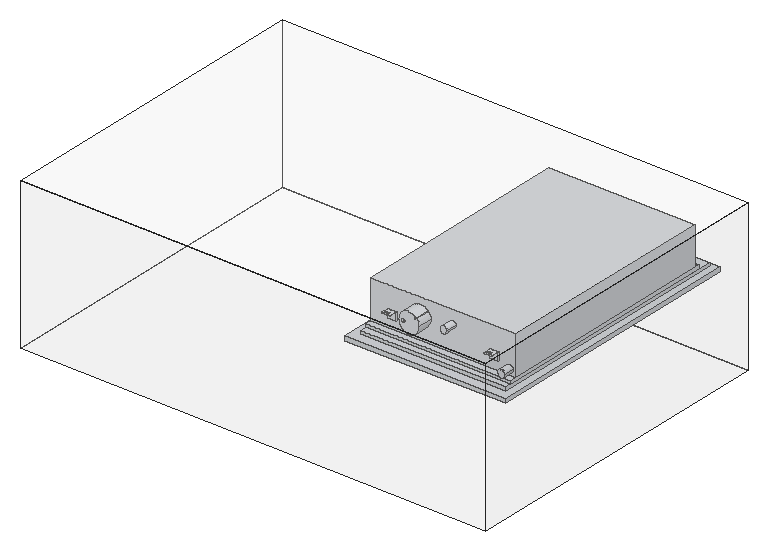
Revit family "pm-(h)rp40_80fa17_60Hz", category 機械設備, Revit 2019
Family settings
  丸型コネクタ寸法 = 直径を使用
  パーツ タイプ = 標準
  OmniClass 番号 = 23.75.10.24.21.27.27
  OmniClass タイトル = Split System Air Conditioning Units
  作業面ベース = いいえ
  常に垂直 = はい
  ロード時にボイドで切り取り = いいえ
  共有 = いいえ
  部屋計算ポイント = はい
Parameters (values of type "天井1方向_PM-RP40FA17")
  風量（静）（m3／min） = 11
  風量（強）（m3／min） = 15
  風量（弱）（m3／min） = 12
  風量（中）（m3／min） = 14
  風量 = MAX風量  # 900.0 m³/h
  音響パワーレベル（弱）(dB) = 47
  音響パワーレベル（中2）(dB) = 50
  音響パワーレベル（中1）(dB) = 52
  音響パワーレベル(dB) = 55
  電源種別 = ""
  電源_H = 60 mm
  電圧_電気ヒーター = 0 V
  電圧 = 200 V
  電動機出力_送風機 = 0.09 kW
  運転質量 = 0.00 kg
  連動 = ""
  質量 = if(製品質量 > 運転質量, 製品質量, 運転質量) * 1.2  # 37.80 kg
  負荷分類 = 3_ファン類
  構成品番 = "PM-RP40FA"
  ドレン管径 (外径) = 32 mm
  ドレン管径 = 25 mm
  サービススペース = yes
  URL = "https://www.mitsubishielectric.co.jp/ldg/wink/ssl/displayProduct.do?pid=311454"
  説明 = "店舗・事務所用パッケージエアコン(Mr.SLIM) [本体]1方向天井カセット形"
  設計暖房能力 = 0.00 kW
  設計冷房能力_顕熱 = 0 kW
  設計冷房能力 = 0 kW
  設置方法 = "カセット形"
  記号 = ""
  製造元 = "三菱電機株式会社"
  製品質量 = 31.50 kg
  製品出荷対象 = "国内"
  製品リリース年月 = "2021/5/10"
  製品グループ = ""
  系統 = ""
  符号 = "PAC-CK1"
  積算_科目 = "1 空気調和設備"
  積算_拾い区分 [instance] = ""
  相 = 1
  盤記号 = ""
  発停方法 = "付属スイッチ"
  特殊仕様 = ""
  火災停止 = ""
  消費電力_電気ヒーター = 0.00 kW
  消費電力_暖房 = 0.07 kW
  消費電力_加湿器 = 0.00 kW
  消費電力_冷房 = 0.08 kW
  消費電力 = if(消費電力_冷房 > 消費電力_暖房, 消費電力_冷房, 消費電力_暖房) + 消費電力_加湿器 + 消費電力_電気ヒーター  # 0.08 kW
  法定耐用年数 = "6"
  極数 = 1
  材質 = ""
  本体マテリアル = none
  有効加湿量 = 0
  暖房能力 = 4.00 kW
  推奨ブレーカー容量 = 0 A
  形式_加湿器 = ""
  形式 = "1方向天井カセット形"
  幹線記号 = ""
  始動方式 = "直入"
  呼称 = "パッケージ形空気調和機_室内機"
  周波数 = 60 Hz
  吊り位置Y = 1173 mm
  吊り位置X = 510 mm
  吊りボルト_H = 117 mm
  台数_手元リモコン = ""
  台数_冷媒分岐ユニット = ""
  参照している仕様書等のバージョン = "公共建築工事標準仕様書（機械設備工事編）平成31年度版"
  加湿給水管径 = 0 mm
  分類コード = "50053003123030"
  分類グループ = ""
  冷房能力 = 3.6 kW
  冷媒高低圧ガス管径 = 0 mm
  冷媒管径符号 = "Ac"
  冷媒管径 = 100 mm
  冷媒液管高さ = 171 mm
  冷媒液管長さ = 72 mm
  冷媒液管径 = 6.4 mm
  冷媒ガス管高さ = 141 mm
  冷媒ガス管長さ = 72 mm
  冷媒ガス管径 = 12.7 mm
  企業コード = "108420"
  付属品_フィルター = ""
  付属品 = ""
  仕様書バージョン = "Version1.0"
  Model = ""
  パネルマテリアル = none
  ドレン管高さ = 159 mm
  コメント [instance] = ""
  ケーブル種類 = ""
  ケーブルサイズ = 0 mm
  Width = 724 mm
  Version = ""
  Uniclass2015Version = "Systems v1.9"
  Uniclass2015Title = "Split coil remote air cooled condensing units"
  Uniclass2015Code = "Pr_70_65_03_84"
  SpecificationReference = ""
  SpecificationDescription = ""
  S_H = 230 mm
  Revision = ""
  ProductInformation = ""
  Panel Width = 800 mm
  Panel Height = 20 mm
  Panel Depth = 1340 mm
  OmniClassCode = "23-33 17 13 11"
  MIN風量 = 風量（静）（m3／min） * 60.0 m³/h  # 660.0 m³/h
  MID風量2 = 風量（弱）（m3／min） * 60.0 m³/h  # 720.0 m³/h
  MID風量 = 風量（中）（m3／min） * 60.0 m³/h  # 840.0 m³/h
  MAX風量 = 風量（強）（m3／min） * 60.0 m³/h  # 900.0 m³/h
  IfcTypeProduct = ""
  IfcProduct = ""
  IfcExportType = "AIRCONDITIONINGUNIT"
  IfcExportAs = "IfcUnitaryEquipmentType"
  Height = 225 mm
  Depth = 1112 mm
  価格 = 275000
  Clearance Top = 230 mm
  Clearance Right = 20 mm
  Clearance Left = 1500 mm
  Clearance Front = 150 mm
  Clearance Bottom = 500 mm
  Clearance Back = 150 mm
  Author = "三菱電機株式会社"
Types (8, lengths in mm): name | 風量（静）（m3／min） | 風量（強）（m3／min） | 風量（弱）（m3／min） | 風量（中）（m3／min） | 風量 | 音響パワーレベル（弱）(dB) | 音響パワーレベル（中2）(dB) | 音響パワーレベル（中1）(dB) | 音響パワーレベル(dB) | 電源_H | 電動機出力_送風機 | 質量 | 構成品番 | URL | 製品質量 | 消費電力_暖房 | 消費電力_冷房 | 消費電力 | 暖房能力 | 冷房能力 | 冷媒管径符号 | 冷媒液管径 | 冷媒ガス管径 | MIN風量 | MID風量2 | MID風量 | MAX風量 | 価格
  天井1方向_PM-RP40FA17 | 11 | 15 | 12 | 14 | 900.0 m³/h | 47 | 50 | 52 | 55 | 60 | 0.09 kW | 37.80 kg | "PM-RP40FA" | "https://www.mitsubishielectric.co.jp/ldg/wink/ssl/displayProduct.do?pid=311454" | 31.50 kg | 0.07 kW | 0.08 kW | 0.08 kW | 4.00 kW | 3.6 kW | "Ac" | 6.4 | 12.7 | 660.0 m³/h | 720.0 m³/h | 840.0 m³/h | 900.0 m³/h | 275000
  天井1方向_PM-RP45FA17 | 11 | 15 | 12 | 14 | 900.0 m³/h | 47 | 50 | 52 | 55 | 60 | 0.09 kW | 37.80 kg | "PM-RP45FA" | "https://www.mitsubishielectric.co.jp/ldg/wink/ssl/displayProduct.do?pid=311455" | 31.50 kg | 0.07 kW | 0.08 kW | 0.08 kW | 4.50 kW | 4 kW | "Ac" | 6.4 | 12.7 | 660.0 m³/h | 720.0 m³/h | 840.0 m³/h | 900.0 m³/h | 283000
  天井1方向_PM-RP50FA17 | 11 | 15 | 12 | 14 | 900.0 m³/h | 47 | 50 | 52 | 55 | 60 | 0.09 kW | 37.80 kg | "PM-RP50FA" | "https://www.mitsubishielectric.co.jp/ldg/wink/ssl/displayProduct.do?pid=311456" | 31.50 kg | 0.07 kW | 0.08 kW | 0.08 kW | 5.00 kW | 4.5 kW | "Ac" | 6.4 | 12.7 | 660.0 m³/h | 720.0 m³/h | 840.0 m³/h | 900.0 m³/h | 306000
  天井1方向_PM-RP56FA17 | 14 | 17 | 15 | 16 | 1020.0 m³/h | 50 | 51 | 53 | 55 | 60 | 0.095 kW | 39.00 kg | "PM-RP56FA" | "https://www.mitsubishielectric.co.jp/ldg/wink/ssl/displayProduct.do?pid=311457" | 32.50 kg | 0.07 kW | 0.08 kW | 0.08 kW | 5.60 kW | 5 kW | "Ac" | 6.4 | 12.7 | 840.0 m³/h | 900.0 m³/h | 960.0 m³/h | 1020.0 m³/h | 317000
  天井1方向_PM-RP63FA17 | 14 | 19 | 16 | 17 | 1140.0 m³/h | 50 | 52 | 54 | 56 | 60 | 0.095 kW | 39.00 kg | "PM-RP63FA" | "https://www.mitsubishielectric.co.jp/ldg/wink/ssl/displayProduct.do?pid=311458" | 32.50 kg | 0.08 kW | 0.09 kW | 0.09 kW | 6.30 kW | 5.6 kW | "Ac" | 6.4 | 12.7 | 840.0 m³/h | 960.0 m³/h | 1020.0 m³/h | 1140.0 m³/h | 330000
  天井1方向_PM-RP71FA17 | 14 | 20 | 16 | 18 | 1200.0 m³/h | 51 | 53 | 55 | 58 | 60 | 0.095 kW | 39.00 kg | "PM-RP71FA" | "https://www.mitsubishielectric.co.jp/ldg/wink/ssl/displayProduct.do?pid=311501" | 32.50 kg | 0.09 kW | 0.10 kW | 0.10 kW | 7.00 kW | 6.3 kW | "Bd" | 9.5 | 15.9 | 840.0 m³/h | 960.0 m³/h | 1080.0 m³/h | 1200.0 m³/h | 336000
  天井1方向_PM-RP80FA17 | 14 | 20 | 16 | 18 | 1200.0 m³/h | 51 | 53 | 55 | 58 | 0 | 0.095 kW | 39.00 kg | "PM-RP80FA" | "https://www.mitsubishielectric.co.jp/ldg/wink/ssl/displayProduct.do?pid=311502" | 32.50 kg | 0.09 kW | 0.10 kW | 0.10 kW | 8.00 kW | 7.1 kW | "Bd" | 9.5 | 15.9 | 840.0 m³/h | 960.0 m³/h | 1080.0 m³/h | 1200.0 m³/h | 352000
  天井1方向_PM-HRP80FA17 | 14 | 20 | 16 | 18 | 1200.0 m³/h | 51 | 53 | 55 | 59 | 60 | 0.095 kW | 40.20 kg | "PM-HRP80FA" | "https://www.mitsubishielectric.co.jp/ldg/wink/ssl/displayProduct.do?pid=311503" | 33.50 kg | 0.10 kW | 0.11 kW | 0.11 kW | 8.00 kW | 7.1 kW | "Bd" | 9.5 | 15.9 | 840.0 m³/h | 960.0 m³/h | 1080.0 m³/h | 1200.0 m³/h | 358000
Reference planes
  plane 1 "中心(正面/背面)": y = 0
  plane 2: z = 0
  plane 3 "中心(左/右)": x = 0
  plane 4: x = -400
  plane 5: x = 400
  plane 6: y = 670
  plane 7: y = -670
  plane 8: z = 225
  plane 9: z = 230
  plane 10: x = -255
  plane 11: x = 255
  plane 12: y = 586.5
  plane 13: y = -586.5
  plane 14: y = 556
  plane 15: y = -556
  plane 16: x = -362
  plane 17: x = 362
  plane 18: x = -1900
  plane 19: x = 420
  plane 20: y = 820
  plane 21: y = -820
  plane 22: z = 230
  plane 23: z = -20
  plane 24: z = -520
Dimensions and locks
  equal spacing: plane 4, plane 3 "中心(左/右)", plane 5
  plane 4 to plane 5 = 800 mm
  equal spacing: plane 7, plane 1 "中心(正面/背面)", plane 6
  plane 4 to plane 10 = 145 mm
  plane 11 to plane 5 = 145 mm
  "S_H": plane 9 to level
  "吊り位置X": plane 10 to plane 11
  equal spacing: plane 10, plane 3 "中心(左/右)", plane 11
  equal spacing: plane 13, plane 1 "中心(正面/背面)", plane 12
  "吊り位置Y": plane 13 to plane 12
  equal spacing: plane 15, plane 1 "中心(正面/背面)", plane 14
  "Depth": plane 15 to plane 14
  equal spacing: plane 16, plane 3 "中心(左/右)", plane 17
  "Width": plane 16 to plane 17
  "Clearance Left": plane 18 to plane 4
  "Clearance Right": plane 5 to plane 19
  "Clearance Back": plane 6 to plane 20
  "Clearance Front": plane 21 to plane 7
  locked: level to plane 23 at 20
  "Clearance Bottom": plane 23 to plane 24
  "Clearance Top": plane 22 to level
  plane 12 to plane 6 = 83.5 mm
  plane 7 to plane 13 = 83.5 mm
  plane 7 to plane 6 = 1340 mm
  "Height": plane 8 to level
  aligned and locked: level to plane 2
  aligned and locked: plane 10 to nested 2
  aligned and locked: plane 11 to nested 2
  aligned and locked: nested 2 to plane 12
  aligned and locked: plane 13 to nested 2
  aligned and locked: plane 18 to nested 1
  aligned and locked: plane 19 to nested 1
  aligned and locked: nested 1 to plane 21
  aligned and locked: nested 1 to plane 20
  aligned and locked: plane 22 to nested 1
  aligned and locked: plane 24 to nested 1
  aligned and locked: plane 1 "中心(正面/背面)" to nested 3
  aligned and locked: nested 3 to plane 3 "中心(左/右)"
Nested families
  nested 1: "サービススペース" at (-740, 0, -145), visible <- "サービススペース", type "サービススペース"
    with Width 2320 mm, Height 750 mm, Depth 1640 mm
  nested 2: "固定点" at (-255, -586.5, 0), type "固定点"
    with W 510 mm, D 1173 mm
  nested 3: "PM-RP○○FA17" at (0, 0, 0) x (0, -1, 0) z (0, 0, 1), type "PM-RP○○FA17"
    with ユニット表示 yes, 冷媒液管径-Z 171 mm, 冷媒ガス管径-Z 141 mm, ドレン配管サイズ 32 mm
Connectors
  piping at (47, -613, 159), diameter 25, driven by "ドレン管径"
    settings: on nested 3, index 1, connector inside diameter 609.6 mm, connector length 0 mm, flow factor 0, pipe flow 0.0 L/s, pressure drop 0.0 Pa, fitting loss kfactor 0, connector angle 0.00°, fixture units 0, engagement length 0 mm, angle of deflection 0.00°, flow configuration 1, flow direction 2, fitting loss method 4, system type 16, joint type 0, gender type 0, connector reference index -1, connector utility 0, adjustable connector no, is connector primary yes, connector description ""
  piping at (-113, -628, 141), diameter 100, driven by "冷媒管径", driven by "冷媒管径符号"
    settings: on nested 3, index 2, connector inside diameter 609.6 mm, connector length 0 mm, flow factor 0, pipe flow 0.0 L/s, pressure drop 0.0 Pa, fitting loss kfactor 0, connector angle 0.00°, fixture units 0, engagement length 0 mm, angle of deflection 0.00°, flow configuration 1, flow direction 1, fitting loss method 4, system type 7, joint type 0, gender type 0, connector reference index -1, connector utility 0, adjustable connector no, is connector primary no, connector description "Ac"
  electrical at (330, -606, 60), driven by "極数", driven by "負荷分類", driven by "電圧", driven by "消費電力"
    settings: on nested 3, index 3, voltage 200 V, apparent load 80 VA, apparent load phase1 0 VA, apparent load phase2 0 VA, apparent load phase3 0 VA, power factor 1, load classification "3_ファン類", number of poles 1, system type 30, power factor state 1, is connector primary yes, connector utility no, sub classification motor no, connector description ""
Definition of nested family "サービススペース"
  Parameters (values of type "サービススペース")
    Width [instance] = 500 mm
    Height [instance] = 500 mm
    Depth [instance] = 500 mm
  Reference planes
    plane 1 "中心(正面/背面)": y = 0
    plane 2: z = 0
    plane 3 "中心(左/右)": x = 0
    plane 4: y = -250
    plane 5: x = 250
    plane 6: y = 250
    plane 7: x = -250
    plane 8: z = 250
    plane 9: z = -250
  Forms (mm)
    Extrusion 1, solid
      sketch origin (-638.939, 0, 72.39) x (1, 0, 0) y (0, 1, 0)
        loop
          line (388.939, 250) -> (388.939, -250) -> (888.939, -250) -> (888.939, 250) -> (388.939, 250)
      from -322.39 to 177.61
  Lines and regions (mm)
    symbolic lines
      curve 1: line (-250, 0, 250) -> (250, 0, 250)
      curve 2: line (-250, 0, -250) -> (-250, 0, 250)
      curve 3: line (250, 0, -250) -> (-250, 0, -250)
      curve 4: line (250, 0, 250) -> (250, 0, -250)
      curve 5: line (0, -250, 250) -> (0, 250, 250)
      curve 6: line (0, -250, -250) -> (0, -250, 250)
      curve 7: line (0, 250, -250) -> (0, -250, -250)
      curve 8: line (0, 250, 250) -> (0, 250, -250)
      curve 9: line (-250, 250, 0) -> (250, 250, 0)
      curve 10: line (-250, -250, 0) -> (-250, 250, 0)
      curve 11: line (250, -250, 0) -> (-250, -250, 0)
      curve 12: line (250, 250, 0) -> (250, -250, 0)
  Dimensions and locks
    equal spacing: plane 7, plane 3 "中心(左/右)", plane 5
    equal spacing: plane 4, plane 1 "中心(正面/背面)", plane 6
    "Depth": plane 4 to plane 6
    "Width": plane 7 to plane 5
    equal spacing: plane 8, plane 2, plane 9
    "Height": plane 8 to plane 9
    aligned and locked: plane 9 to curve 3
    aligned and locked: plane 7 to curve 2
    aligned and locked: curve 4 to plane 5
    aligned and locked: plane 5 to Extrusion 1
    aligned and locked: Extrusion 1 to plane 7
    aligned and locked: Extrusion 1 to plane 9
    aligned and locked: plane 8 to Extrusion 1
    aligned and locked: plane 9 to curve 7
  Automatic sketch dimensions
    plane 4 to Extrusion 1 sketch curve = 0 mm
    Extrusion 1 sketch curve to plane 7 = 0 mm
    Extrusion 1 sketch curve to plane 5 = 0 mm
    plane 6 to Extrusion 1 sketch curve = 0 mm
    curve 2 to plane 8 = 0 mm
    plane 4 to curve 11 = 0 mm
    curve 11 to plane 7 = 0 mm
    curve 11 to plane 5 = 0 mm
    plane 6 to curve 10 = 0 mm
    curve 7 to plane 4 = 0 mm
    curve 7 to plane 6 = 0 mm
    curve 6 to plane 8 = 0 mm
Definition of nested family "PM-RP○○FA17"
  Parameters (values of type "PM-RP○○FA17")
    配線取出口サイズ = 36 mm
    配線取出口-Z = 60 mm
    配線取出口-Y = 32 mm
    配線取出口-X = 50 mm
    液配管サイズ = 6.4 mm
    冷媒ガス管径-Z2 = 141 mm
    冷媒ガス管径-Z1 = 171 mm
    A = 幅さ + 228 mm  # 1340 mm
    高さ = 225 mm
    奥行き = 724 mm
    吊りボルト_H = 117 mm
    冷媒配管 = 100 mm
    冷媒液管径-Z = 156 mm
    冷媒液管径-Y = 445 mm
    冷媒液管径-X = 72 mm
    冷媒ガス管径-Z = 156 mm
    冷媒ガス管径-Y = 505 mm
    冷媒ガス管径-X = 72 mm
    ユニット表示 [instance] = yes
    ボルトピッチ = 510 mm
    ドレン配管サイズ = 25 mm
    ドレン管径-Z = 159 mm
    ドレン管径-Y = 315 mm
    ドレン管径-X = 57 mm
    ガス配管サイズ = 12.7 mm
    D = 幅さ + 61 mm  # 1173 mm
    幅さ = 1112 mm
    B = 幅さ + 188 mm  # 1300 mm
  Reference planes
    plane 1 "中心(正面/背面)": y = 0
    plane 2: z = 0
    plane 3 "中心(左/右)": x = 0
    plane 4: x = -670
    plane 5: x = 670
    plane 6: y = 400
    plane 7: y = -400
    plane 8: z = 225
    plane 9: z = -20
    plane 10: x = -556
    plane 11: x = 556
    plane 12: y = 362
    plane 13: y = -362
    plane 14: z = 16
    plane 15: x = -650
    plane 16: x = 650
    plane 17: x = 586.5
    plane 18: x = -586.5
    plane 19: z = 32
    plane 20: x = 620
    plane 21: y = 255
    plane 22: y = -255
    plane 23: x = 628
    plane 24: y = -143
    plane 25: z = 156
    plane 26: x = 628
    plane 27: y = -83
    plane 28: x = 613
    plane 29: y = 47
    plane 30: z = 159
    plane 31: x = 606
    plane 32: y = 330
    plane 33: z = 60
    plane 34: z = 117
    plane 35: z = 115
    plane 36: z = 75
    plane 37: y = 275
    plane 38: y = 235
    plane 39: y = -235
    plane 40: y = -275
    plane 41: y = 260
    plane 42: y = 250
    plane 43: y = -250
    plane 44: y = -260
    plane 45: x = -596
    plane 46: x = 596
    plane 47: x = -558
    plane 48: x = 558
    plane 49: z = 141
    plane 50: z = 171
  Forms (mm)
    Extrusion 1, solid, visible <- "ユニット表示", detail levels fine
      sketch origin (0, 0, 0) x (1, 0, 0) y (0, 1, 0)
        loop
          line (-556, 362) -> (-556, -362) -> (556, -362) -> (556, 362) -> (-556, 362)
      from 32 to 225
    Extrusion 2, solid, visible <- "ユニット表示", detail levels fine
      sketch origin (-1437.329, -1524, 16) x (-1, 0, 0) y (0, -1, 0)
        loop
          line (-850.829, -1886) -> (-850.829, -1162) -> (-2023.829, -1162) -> (-2023.829, -1886) -> (-850.829, -1886)
      from 0 to 16
    Extrusion 3, solid, visible <- "ユニット表示", detail levels fine
      sketch origin (-1437.329, -1524, 16) x (-1, 0, 0) y (0, -1, 0)
        loop
          line (-787.329, -1886) -> (-787.329, -1162) -> (-2057.329, -1162) -> (-2057.329, -1886) -> (-787.329, -1886)
      from 0 to -16
    Extrusion 4, solid, visible <- "ユニット表示", detail levels fine
      sketch origin (556, 1296.25, 1200) x (0, 1, 0) y (0, 0, 1)
        loop
          circle (-1439.25, -1059) r 6.35
      from 0 to 72
    Extrusion 5, solid, visible <- "ユニット表示", detail levels fine
      sketch origin (556, 1296.25, 1200) x (0, 1, 0) y (0, 0, 1)
        loop
          circle (-1379.25, -1029) r 3.2
      from 0 to 72
    Extrusion 6, solid, visible <- "ユニット表示", detail levels fine
      sketch origin (556, 1296.25, 1200) x (0, 1, 0) y (0, 0, 1)
        loop
          circle (-1249.25, -1041) r 12.5
      from 0 to 57
    Extrusion 7, solid, visible <- "ユニット表示", detail levels fine
      sketch origin (556, 1296.25, 1200) x (0, 1, 0) y (0, 0, 1)
        loop
          circle (-966.25, -1140) r 18
      from 0 to 50
    Extrusion 8, solid, visible <- "ユニット表示", detail levels fine
      sketch origin (556, 1306.25, 1200) x (0, 1, 0) y (0, 0, 1)
        loop
          circle (-1419.25, -1044) r 50
      from 0 to 72
    Extrusion 9, solid, visible <- "ユニット表示"
      sketch origin (0, 0, 0) x (1, 0, 0) y (0, 1, 0)
        loop
          line (-670, 400) -> (-670, -400) -> (670, -400) -> (670, 400) -> (-670, 400)
      from 0 to -20
    Extrusion 10, solid, visible <- "ユニット表示", detail levels fine
      sketch origin (0, 0, 0) x (1, 0, 0) y (0, 1, 0)
        loop
          line (-581.5, 260) -> (-581.5, 250)
          arc (-581.5, 250) -> (-586.5, 245) -> (-591.5, 250) r 5
          line (-591.5, 250) -> (-596, 250) -> (-596, 235) -> (-556, 235) -> (-556, 275) -> (-596, 275) -> (-596, 260) -> (-591.5, 260)
          arc (-591.5, 260) -> (-586.5, 265) -> (-581.5, 260) r 5
        loop
          arc (581.5, 260) -> (586.5, 265) -> (591.5, 260) r 5
          line (591.5, 260) -> (596, 260) -> (596, 275) -> (556, 275) -> (556, 235) -> (596, 235) -> (596, 250) -> (591.5, 250)
          arc (591.5, 250) -> (586.5, 245) -> (581.5, 250) r 5
          line (581.5, 250) -> (581.5, 260)
        loop
          line (581.5, -260) -> (581.5, -250)
          arc (581.5, -250) -> (586.5, -245) -> (591.5, -250) r 5
          line (591.5, -250) -> (596, -250) -> (596, -235) -> (556, -235) -> (556, -275) -> (596, -275) -> (596, -260) -> (591.5, -260)
          arc (591.5, -260) -> (586.5, -265) -> (581.5, -260) r 5
        loop
          arc (-581.5, -260) -> (-586.5, -265) -> (-591.5, -260) r 5
          line (-591.5, -260) -> (-596, -260) -> (-596, -275) -> (-556, -275) -> (-556, -235) -> (-596, -235) -> (-596, -250) -> (-591.5, -250)
          arc (-591.5, -250) -> (-586.5, -245) -> (-581.5, -250) r 5
          line (-581.5, -250) -> (-581.5, -260)
      from 115 to 117
    Extrusion 11, solid, visible <- "ユニット表示", detail levels fine
      sketch origin (0, 0, 0) x (1, 0, 0) y (0, 1, 0)
        loop
          line (-558, 275) -> (-558, 235) -> (-556, 235) -> (-556, 275) -> (-558, 275)
        loop
          line (556, 275) -> (556, 235) -> (558, 235) -> (558, 275) -> (556, 275)
        loop
          line (556, -235) -> (556, -275) -> (558, -275) -> (558, -235) -> (556, -235)
        loop
          line (-558, -235) -> (-558, -275) -> (-556, -275) -> (-556, -235) -> (-558, -235)
      from 75 to 115
  Dimensions and locks
    equal spacing: plane 7, plane 1 "中心(正面/背面)", plane 6
    plane 7 to plane 6 = 800 mm
    equal spacing: plane 4, plane 3 "中心(左/右)", plane 5
    "A": plane 4 to plane 5
    locked: level to plane 9 at 20
    equal spacing: plane 13, plane 1 "中心(正面/背面)", plane 12
    "奥行き": plane 13 to plane 12
    equal spacing: plane 10, plane 3 "中心(左/右)", plane 11
    "幅さ": plane 10 to plane 11
    locked: plane 14 to level at 16
    equal spacing: plane 15, plane 3 "中心(左/右)", plane 16
    "B": plane 15 to plane 16
    equal spacing: plane 18, plane 3 "中心(左/右)", plane 17
    "D": plane 18 to plane 17
    equal spacing: plane 22, plane 1 "中心(正面/背面)", plane 21
    "ボルトピッチ": plane 22 to plane 21
    "冷媒ガス管径-X": plane 11 to plane 23
    "冷媒ガス管径-Y": plane 24 to plane 12
    "冷媒液管径-X": plane 11 to plane 26
    "冷媒液管径-Y": plane 27 to plane 12
    "ドレン管径-X": plane 11 to plane 28
    "ドレン管径-Y": plane 29 to plane 12
    "配線取出口-X": plane 11 to plane 31
    "配線取出口-Y": plane 32 to plane 12
    "配線取出口-Z": plane 33 to level
    "ドレン管径-Z": plane 30 to level
    "冷媒ガス管径-Z": plane 25 to level
    locked: plane 35 to plane 36 at 40
    locked: plane 34 to plane 35 at 2
    "吊りボルト_H": plane 34 to level
    plane 40 to plane 22 to plane 39 = 20 mm locked, 20 mm locked
    plane 38 to plane 21 to plane 37 = 20 mm locked, 20 mm locked
    plane 44 to plane 22 to plane 43 = 5 mm locked, 5 mm locked
    plane 42 to plane 21 to plane 41 = 5 mm locked, 5 mm locked
    locked: plane 45 to plane 10 at 40
    locked: plane 11 to plane 46 at 40
    locked: plane 11 to plane 48 at 2
    locked: plane 47 to plane 10 at 2
    plane 16 to plane 15 = 1300 mm
    plane 4 to plane 15 = 20 mm
    plane 15 to plane 10 = 94 mm
    plane 11 to plane 16 = 94 mm
    plane 12 to plane 6 = 38 mm
    locked: plane 19 to plane 14 at 16
    "高さ": plane 8 to level
    equal spacing: plane 24, Extrusion 8 sketch curve, plane 27
    plane 7 to plane 13 = 38 mm
    plane 16 to plane 5 = 20 mm
    "冷媒ガス管径-Z2": plane 49 to level
    "冷媒ガス管径-Z1": plane 50 to level
    "ガス配管サイズ": diameter of Extrusion 4 sketch curve
    "液配管サイズ": diameter of Extrusion 5 sketch curve
    "配線取出口サイズ": diameter of Extrusion 7 sketch curve
    "冷媒配管": diameter of Extrusion 8 sketch curve
    "ドレン配管サイズ": diameter of Extrusion 6 sketch curve
    aligned and locked: level to plane 2
    aligned and locked: plane 12 to Extrusion 1 sketch curve
    aligned and locked: plane 10 to Extrusion 1 sketch curve
    aligned and locked: Extrusion 1 sketch curve to plane 13
    aligned and locked: Extrusion 1 sketch curve to plane 11
    aligned and locked: plane 8 to Extrusion 1
    aligned and locked: plane 12 to Extrusion 2 sketch curve
    aligned and locked: plane 18 to Extrusion 2 sketch curve
    aligned and locked: Extrusion 2 sketch curve to plane 13
    aligned and locked: Extrusion 2 sketch curve to plane 17
    aligned and locked: plane 19 to Extrusion 2
    aligned and locked: Extrusion 1 to Extrusion 2
    aligned and locked: plane 12 to Extrusion 3 sketch curve
    aligned and locked: Extrusion 3 sketch curve to plane 13
    aligned and locked: Extrusion 3 sketch curve to plane 20
    aligned and locked: Extrusion 3 to level
    aligned and locked: plane 14 to Extrusion 3
    aligned and locked: plane 24 to Extrusion 4 sketch curve
    aligned and locked: Extrusion 4 to plane 11
    aligned and locked: plane 23 to Extrusion 4
    aligned and locked: plane 27 to Extrusion 5 sketch curve
    aligned and locked: plane 26 to Extrusion 5
    aligned and locked: Extrusion 5 to plane 11
    aligned and locked: plane 30 to Extrusion 6 sketch curve
    aligned and locked: plane 29 to Extrusion 6 sketch curve
    aligned and locked: Extrusion 6 to plane 11
    aligned and locked: plane 28 to Extrusion 6
    aligned and locked: plane 33 to Extrusion 7 sketch curve
    aligned and locked: plane 32 to Extrusion 7 sketch curve
    aligned and locked: Extrusion 7 to plane 11
    aligned and locked: plane 31 to Extrusion 7
    aligned and locked: plane 25 to Extrusion 8 sketch curve
    aligned and locked: Extrusion 8 to plane 11
    aligned and locked: plane 26 to Extrusion 8
    aligned and locked: level to Extrusion 9
    aligned and locked: Extrusion 9 to plane 9
    aligned and locked: Extrusion 10 sketch curve to plane 10
    aligned and locked: plane 34 to Extrusion 10
    aligned and locked: Extrusion 10 to plane 35
    aligned and locked: plane 37 to Extrusion 10 sketch curve
    aligned and locked: plane 45 to Extrusion 10 sketch curve  (x2)
    aligned and locked: Extrusion 10 sketch curve to plane 38
    aligned and locked: Extrusion 10 sketch curve to plane 42
    aligned and locked: Extrusion 10 sketch curve to plane 41
    aligned and locked: plane 41 to Extrusion 10 sketch curve  (x3)
    aligned and locked: plane 42 to Extrusion 10 sketch curve  (x3)
    aligned and locked: plane 18 to Extrusion 10 sketch curve  (x4)
    aligned and locked: plane 10 to Extrusion 10 sketch curve
    aligned and locked: Extrusion 10 sketch curve to plane 39
    aligned and locked: plane 40 to Extrusion 10 sketch curve
    aligned and locked: plane 44 to Extrusion 10 sketch curve  (x3)
    aligned and locked: plane 43 to Extrusion 10 sketch curve  (x3)
    aligned and locked: Extrusion 10 sketch curve to plane 43
    aligned and locked: Extrusion 10 sketch curve to plane 44
    aligned and locked: Extrusion 10 sketch curve to plane 45  (x2)
    aligned and locked: plane 11 to Extrusion 10 sketch curve
    aligned and locked: Extrusion 10 sketch curve to plane 46  (x2)
    aligned and locked: plane 17 to Extrusion 10 sketch curve  (x4)
    aligned and locked: Extrusion 10 sketch curve to plane 40
    aligned and locked: plane 39 to Extrusion 10 sketch curve
    aligned and locked: plane 46 to Extrusion 10 sketch curve  (x2)
    aligned and locked: plane 38 to Extrusion 10 sketch curve
    aligned and locked: Extrusion 10 sketch curve to plane 11
    aligned and locked: Extrusion 10 sketch curve to plane 37
    aligned and locked: plane 37 to Extrusion 11 sketch curve
    aligned and locked: plane 47 to Extrusion 11 sketch curve  (x2)
    aligned and locked: Extrusion 11 sketch curve to Extrusion 10  (x8)
    aligned and locked: Extrusion 11 sketch curve to plane 38
    aligned and locked: Extrusion 11 sketch curve to plane 48  (x2)
    aligned and locked: Extrusion 11 sketch curve to plane 40
    aligned and locked: plane 39 to Extrusion 11 sketch curve
    aligned and locked: Extrusion 11 to Extrusion 10
    aligned and locked: Extrusion 11 to plane 36
    aligned and locked: plane 49 to Extrusion 4 sketch curve
    aligned and locked: plane 50 to Extrusion 5 sketch curve
  Automatic sketch dimensions
    Extrusion 9 sketch curve to plane 4 = 0 mm
    Extrusion 9 sketch curve to plane 5 = 0 mm
    plane 7 to Extrusion 9 sketch curve = 0 mm
    plane 6 to Extrusion 9 sketch curve = 0 mm
    Extrusion 10 sketch curve to plane 18 = 5 mm  (x2)
    Extrusion 10 sketch curve to plane 17 = 5 mm  (x2)
    Extrusion 3 sketch curve to plane 15 = 0 mm
Definition of nested family "固定点"
  Parameters (values of type "固定点")
    中心円 = 20 mm
    W [instance] = 1000 mm
    D [instance] = 1000 mm
  Reference planes
    plane 1 "中心(正面/背面)": y = 0
    plane 2: z = 0
    plane 3 "中心(左/右)": x = 0
    plane 4: x = 1000
    plane 5: y = 1000
  Lines and regions (mm)
    symbolic lines, detail levels fine
      curve 1: circle (0, 1000, 0) r 10 normal (0, 0, 1)
      curve 2: circle (0, 0, 0) r 10 normal (0, 0, 1)
      curve 3: circle (1000, 1000, 0) r 10 normal (0, 0, 1)
      curve 4: circle (1000, 0, 0) r 10 normal (0, 0, 1)
      curve 5: line (-200, 1000, 0) -> (1200, 1000, 0)
      curve 6: line (-200, 0, 0) -> (1200, 0, 0)
      curve 7: line (0, 1200, 0) -> (0, -200, 0)
      curve 8: line (1000, 1200, 0) -> (1000, -200, 0)
  Dimensions and locks
    "W": plane 3 "中心(左/右)" to plane 4
    "D": plane 1 "中心(正面/背面)" to plane 5
    "中心円": diameter of curve 1
    "中心円": diameter of curve 2
    "中心円": diameter of curve 3
    "中心円": diameter of curve 4
    aligned and locked: level to plane 2
    aligned and locked: plane 5 to curve 1
    aligned and locked: plane 3 "中心(左/右)" to curve 1
    aligned and locked: plane 3 "中心(左/右)" to curve 2
    aligned and locked: plane 1 "中心(正面/背面)" to curve 2
    aligned and locked: plane 4 to curve 3
    aligned and locked: plane 5 to curve 3
    aligned and locked: plane 1 "中心(正面/背面)" to curve 4
    aligned and locked: plane 4 to curve 4
    aligned and locked: plane 1 "中心(正面/背面)" to curve 6
    aligned and locked: curve 7 to plane 3 "中心(左/右)"
    aligned and locked: curve 8 to plane 4
  Automatic sketch dimensions
    curve 5 to plane 5 = 0 mm
    curve 6 to plane 3 "中心(左/右)" = 200 mm
    curve 5 to plane 3 "中心(左/右)" = 200 mm
    curve 4 to curve 6 = 200 mm
    curve 3 to curve 5 = 200 mm
    plane 1 "中心(正面/背面)" to curve 8 = 200 mm
    plane 1 "中心(正面/背面)" to curve 7 = 200 mm
    curve 3 to curve 8 = 200 mm
    curve 1 to curve 7 = 200 mm
